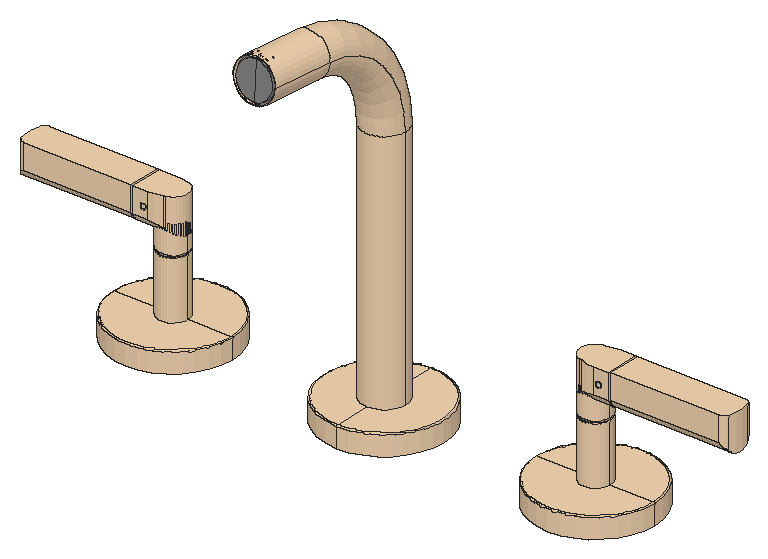
Revit family "Faucet-Wall_Mount-Lavatory-KALLISTA-One_Nazare-P23347_1", category Plumbing Fixtures, host Face, Revit 2022
Family settings
  Host = Face
  Round Connector Dimension = Use Diameter
  Part Type = Normal
  OmniClass Number = 23.31.11.00
  OmniClass Title = Faucets
  Cut with Voids When Loaded = No
  Maintain Annotation Orientation = No
  Shared = No
  Room Calculation Point = No
Parameters (values of type "2MB-Brushed Brass")
  Width [instance] = Faucet Hole Spacing  # 8"
  WaterSense Certified = 1 = 1  # yes
  Waste Water Outlet = "Waste Water Outlet"  # constant formula
  Waste Connection = 1 = 0  # no
  Vent Connection = 1 = 0  # no
  URL = "https://www.kallista.com/"
  Type = 3
  Spout Reach = Length  # 7.09843"
  Product Page URL = ""
  Product Name = "One Nazare"  # constant formula
  Product Documentation Link = "https://resources.kohler.com/interiors/kallista/pdf/P23347-LV_spec_US-CA_Kallista_en.pdf"
  Pressure = 60.00 psi  # constant formula
  Model = if(Type = 1, "P23347-LV-CP", if(Type = 2, "P23347-LV-SN", if(Type = 3, "P23347-LV-2MB", if(Type = 4, "P23347-LV-BAF", "NA"))))  # "P23347-LV-2MB"
  Material = "Premium Metal Construction"  # constant formula
  Master Format 2014 Name = "Residential Faucets, Supplies, and Trim"  # constant formula
  Master Format 2014 = "22 41 39"  # constant formula
  Manufacturer Address = "444 Highland Dr, Kohler, WI 53044"  # constant formula
  Manufacturer = "Kallista Co."  # constant formula
  Length = 7.09843"  # constant formula
  Hot Water Inlet = "Hot Water Inlet"  # constant formula
  Height = 2.25197"  # constant formula
  Handle Clearance = 2.74"  # constant formula
  HW Connection = 1 = 1  # yes
  Flow Rate = 1.2 GPM  # constant formula
  Finish = Kallista-Metal-2MB- Brushed_Brass
  Faucet Hole Spacing [instance] = 8"
  Environmental Product Declaration = ""
  Drain Included = 1 = 1  # yes
  Description = "Wall Mount Sink Faucet, Lever Handles"  # constant formula
  Default Elevation = 36"
  Declare Label = ""
  Date Modified = "01/15/2025"  # constant formula
  Date Created = "01/05/2022"  # constant formula
  Copyright = "Copyright Kallista Co."  # constant formula
  Contact Us = "https://www.kallista.com/corporate/contact-us/"
  Cold Water Inlet = "Cold Water Inlet"  # constant formula
  CW Connection = 1 = 1  # yes
  Assembly Code = "D2010"
  ADA Compliant = 1 = 1  # yes
Types (5): name | Type | Product Page URL | Model | Finish
  (no name) | 3 | "" | "P23347-LV-2MB" | Kallista-Metal-2MB- Brushed_Brass
  CP-Chrome | 1 | "https://www.kallista.com/products/luxury-bathroom/faucets/sink-faucets/one-nazare-wall-mount-sink-faucet-lever-handles-p23347-lv/cp-chrome" | "P23347-LV-CP" | Kallista-Metal-CP-Chrome
  SN-Polished Nickel | 2 | "https://www.kallista.com/products/luxury-bathroom/faucets/sink-faucets/one-nazare-wall-mount-sink-faucet-lever-handles-p23347-lv/sn-polished-nickel" | "P23347-LV-SN" | Kallista-Metal-SN-Polished_Nickel
  2MB-Brushed Brass | 3 | "" | "P23347-LV-2MB" | Kallista-Metal-2MB- Brushed_Brass
  BAF-Brushed French Gold | 4 | "" | "P23347-LV-BAF" | Kallista-Metal-BAF-Brushed_French_Gold
Reference planes (in)
  plane 1 "Center (Front/Back)": y = 0
  plane 2: z = 0
  plane 3 "Center (Left/Right)": x = 0
  plane 4: x = -4
  plane 5: x = 4
  plane 6: y = 1.12598
  plane 7: y = -1.12598
  plane 8: x = 5.12598
  plane 9: x = 2.87402
  plane 10: x = -6.74
  plane 11: z = 2.52
  plane 12: z = 1.81
  plane 13: z = 0.3937
  plane 14: x = -5.12598
  plane 15: x = -2.87402
  plane 16: x = 6.74
  plane 17: y = -3.07452
  plane 18: x = 1.12598
  plane 19: x = -1.12598
  plane 20: z = 7.5
  plane 21: z = 7.09843
Dimensions and locks (in)
  equal spacing: plane 4, plane 3 "Center (Left/Right)", plane 5
  "Width": plane 4 to plane 5
  plane 9 to plane 5 = 1.12598"
  plane 5 to plane 8 = 1.12598"
  plane 4 to plane 15 = 1.12598"
  plane 14 to plane 4 = 1.12598"
  "Handle Clearance": plane 4 to plane 10
  "Handle Clearance": plane 5 to plane 16
  "Height": plane 7 to plane 6
  plane 1 "Center (Front/Back)" to plane 17 = 3.07452"
  "Length": plane 21 to level
  aligned and locked: plane 2 to host face
  aligned and locked: level to host face
  aligned and locked: plane 4 to nested 1  (x2)
  aligned and locked: nested 2 to plane 5  (x2)
  aligned and locked: plane 3 "Center (Left/Right)" to nested 3
Automatic sketch dimensions
  host sketch curve to host sketch curve = 96"  (x2)
Nested families (in)
  nested 1: "P23347_Handle" at (-4, 0, 0), type "P23347_Handle"
  nested 2: "P23347_Handle" at (4, 0, 0) x (-1, 0, 0) z (0, 0, 1), type "P23347_Handle"
  nested 3: "P23347_Spout" at (0, 0, 0), type "P23347_Spout"
Connectors (in)
  piping at (4, 0, 0), diameter 0.5, driven by "Flow Rate", driven by "Pressure", driven by "CW Connection", driven by "Cold Water Inlet"
    settings: on nested 2, index 1, connector inside diameter 24", connector length 0", flow factor 0, pipe flow 1.2 GPM, pressure drop 60.00 psi, fitting loss kfactor 0, connector angle 0.00°, fixture units 0, engagement length 0", angle of deflection 0.00°, flow configuration 1, flow direction 1, fitting loss method 4, system type 20, joint type 0, gender type 0, connector reference index -1, connector utility 1, adjustable connector no, is connector primary yes, connector description "Cold Water Inlet"
  piping at (-4, 0, 0), diameter 0.5, driven by "Flow Rate", driven by "Pressure", driven by "HW Connection", driven by "Hot Water Inlet"
    settings: on nested 1, index 3, connector inside diameter 24", connector length 0", flow factor 0, pipe flow 1.2 GPM, pressure drop 60.00 psi, fitting loss kfactor 0, connector angle 0.00°, fixture units 0, engagement length 0", angle of deflection 0.00°, flow configuration 1, flow direction 1, fitting loss method 4, system type 19, joint type 0, gender type 0, connector reference index -1, connector utility 1, adjustable connector no, is connector primary no, connector description "Hot Water Inlet"
Definition of nested family "P23347_Handle"
  Parameters (values of type "P23347_Handle")
    Material = none
    Default Elevation = 48"
  Reference planes (in)
    plane 1 "Center (Front/Back)": y = 0
    plane 2: z = 0
    plane 3 "Center (Left/Right)": x = 0
    plane 4: y = 1.12598
    plane 5: x = -1.12598
    plane 6: z = 2.52
    plane 7: z = 1.81
    plane 8: z = 0.3937
    plane 9: x = -2.74
    plane 10: x = 0
    plane 11: y = -1.12598
    plane 12: x = 1.12598
    plane 13: z = 1.51
  Forms (in)
    Revolve 1, solid, material <- "Material"
      sketch origin (0, 0, 0) x (1, 0, 0) y (0, 0, 1)
        loop
          line (0, 0) -> (0, 2.07226) -> (-0.27976, 2.07226) -> (-0.27976, 1.52969)
          arc (-0.27976, 1.52969) -> (-0.27399, 1.51577) -> (-0.26007, 1.51) r 0.01969
          arc (-0.26007, 1.51) -> (-0.27399, 1.50423) -> (-0.27976, 1.49031) r 0.01969
          line (-0.27976, 1.49031) -> (-0.27976, 0.3937) -> (-1.1063, 0.3937)
          arc (-1.1063, 0.3937) -> (-1.12022, 0.38794) -> (-1.12598, 0.37402) r 0.01969
          line (-1.12598, 0.37402) -> (-1.12598, 0) -> (0, 0)
        axis (0, 0) -> (0, 2.07226)
      angle from 0 to 360
    Extrusion 2, solid, material <- "Material", detail levels medium+fine
      sketch origin (0, 0, 0) x (1, 0, 0) y (0, 1, 0)
        loop
          circle (0, 0) r 0.25
      from 0 to 0.07874
    Extrusion 3, solid, material <- "Material", detail levels medium+fine
      sketch origin (0, 0, 0) x (1, 0, 0) y (0, 1, 0)
        loop
          arc (0.07816, 0.26862) -> (0.06077, 0.27359) -> (0.04333, 0.27838) r 1.85399
          arc (0.04333, 0.27838) -> (-0.08736, 0.30457) -> (-0.22036, 0.31335) r 1.01181
          line (-0.22036, 0.31335) -> (-2.58143, 0.31335)
          arc (-2.58143, 0.31335) -> (-2.66037, 0.28717) -> (-2.70802, 0.21902) r 0.1321
          arc (-2.70802, 0.21902) -> (-2.74, 0.00079) -> (-2.70847, -0.2175) r 0.76598
          arc (-2.70847, -0.2175) -> (-2.66022, -0.28674) -> (-2.58012, -0.31335) r 0.13386
          line (-2.58012, -0.31335) -> (-0.22036, -0.31335)
          arc (-0.22036, -0.31335) -> (-0.08736, -0.30457) -> (0.04333, -0.27838) r 1.01181
          arc (0.04333, -0.27838) -> (0.06077, -0.27359) -> (0.07816, -0.26862) r 1.85399
          arc (0.07816, -0.26862) -> (0.27976, 0) -> (0.07816, 0.26862) r 0.27976
      from 1.81 to 2.52
    Extrusion 4, void
      sketch origin (0, 0, 0) x (0, 1, 0) y (0, 0, 1)
        loop
          line (0.43044, 2.15052) -> (0.33619, 2.15052)
          arc (0.33619, 2.15052) -> (0.27495, 1.97059) -> (0.12815, 1.84986) r 0.34721
          arc (0.12815, 1.84986) -> (0, 1.82315) -> (-0.12815, 1.84986) r 0.32074
          arc (-0.12815, 1.84986) -> (-0.27495, 1.97059) -> (-0.33619, 2.15052) r 0.34721
          line (-0.33619, 2.15052) -> (-0.43044, 2.15052) -> (-0.43044, 1.71114) -> (0.43044, 1.71114) -> (0.43044, 2.15052)
      from -2.96352 to 0.54766
    Extrusion 5, void
      sketch origin (0, 0, 0) x (0, 1, 0) y (0, 0, 1)
        loop
          line (0.35272, 2.55937) -> (-0.35272, 2.55937) -> (-0.35272, 2.036)
          arc (-0.35272, 2.036) -> (-0.26687, 1.89895) -> (-0.13246, 1.80901) r 0.38658
          spline (-0.13246, 1.80901) -> (-0.11127, 1.80135) -> (-0.0896, 1.79504) -> (-0.06754, 1.7901) -> (-0.04519, 1.78655) -> (-0.02264, 1.78441) -> (0, 1.78369) -> (0.02265, 1.78441) -> (0.04519, 1.78655) -> (0.06754, 1.7901) -> (0.0896, 1.79504) -> (0.11128, 1.80135) -> (0.13246, 1.80901)
          arc (0.13246, 1.80901) -> (0.26687, 1.89895) -> (0.35272, 2.036) r 0.38658
          line (0.35272, 2.036) -> (0.35272, 2.55937)
        loop
          line (0.27398, 2.48063) -> (-0.27398, 2.48063) -> (-0.27398, 2.0507)
          arc (-0.27398, 2.0507) -> (-0.20575, 1.94914) -> (-0.10336, 1.88217) r 0.30784
          spline (-0.10336, 1.88217) -> (-0.08689, 1.87622) -> (-0.07001, 1.8713) -> (-0.0528, 1.86745) -> (-0.03534, 1.86468) -> (-0.01771, 1.863) -> (0, 1.86243) -> (0.01771, 1.863) -> (0.03534, 1.86468) -> (0.0528, 1.86745) -> (0.07001, 1.87131) -> (0.08689, 1.87622) -> (0.10336, 1.88217)
          arc (0.10336, 1.88217) -> (0.20575, 1.94914) -> (0.27398, 2.0507) r 0.30784
          line (0.27398, 2.0507) -> (0.27398, 2.48063)
      from -0.54223 to -0.51098
    Extrusion 6, void
      sketch origin (0, 0, 0) x (1, 0, 0) y (0, 0, 1)
        loop
          circle (-0.31133, 2.24331) r 0.05906
      from 0.3062 to 0.37148
    Extrusion 7, void
      sketch origin (0, 0, 0) x (1, 0, 0) y (0, 0, -1)
        loop
          circle (-0.31133, -2.24331) r 0.05906
      from 0.3062 to 0.37148
    Extrusion 8, solid, material <- "Material", detail levels coarse
      sketch origin (0, 0, 0) x (1, 0, 0) y (0, 1, 0)
        loop
          line (-0.02478, 0.31335) -> (-2.67298, 0.31335)
          arc (-2.67298, 0.31335) -> (-2.74, 0.00087) -> (-2.67368, -0.31176) r 0.76598
          line (-2.67368, -0.31176) -> (-0.02478, -0.31176)
          arc (-0.02478, -0.31176) -> (0.28777, 0.00079) -> (-0.02478, 0.31335) r 0.31256
      from 1.78015 to 2.52
    Extrusion 9, solid, detail levels medium+fine
      sketch origin (0, 0, 0) x (1, 0, 0) y (0, 0, 1)
        loop
          circle (-0.31133, 2.24331) r 0.04997
      from 0.28729 to 0.31176
    Extrusion 10, solid, detail levels medium+fine
      sketch origin (0, 0, 0) x (1, 0, 0) y (0, 0, -1)
        loop
          circle (-0.31133, -2.24331) r 0.04997
      from 0.28729 to 0.31176
  Cuts and joins
    Extrusion 4, Extrusion 5, Extrusion 6, Extrusion 7 cuts Extrusion 3
  Lines and regions (in)
    Masking region 1
      outline origin (0, 0, 0) x (1, 0, 0) y (0, 1, 0)
        loop
          line (-1.08151, 0.31335) -> (-2.58143, 0.31335)
          arc (-2.58143, 0.31335) -> (-2.66037, 0.28717) -> (-2.70802, 0.21902) r 0.1321
          arc (-2.70802, 0.21902) -> (-2.74, 0.00079) -> (-2.70847, -0.2175) r 0.76598
          arc (-2.70847, -0.2175) -> (-2.66022, -0.28674) -> (-2.58012, -0.31335) r 0.13386
          line (-2.58012, -0.31335) -> (-1.08151, -0.31335)
          arc (-1.08151, -0.31335) -> (-0.67639, -0.90018) -> (0, -1.12598) r 1.12598
          arc (0, -1.12598) -> (0.79619, -0.79619) -> (1.12598, 0) r 1.12598
          arc (1.12598, 0) -> (0.79619, 0.79619) -> (0, 1.12598) r 1.12598
          arc (0, 1.12598) -> (-0.67639, 0.90018) -> (-1.08151, 0.31335) r 1.12598
    Masking region 2
      outline origin (0, 0, 0) x (1, 0, 0) y (0, 0, 1)
        loop
          line (-1.12598, 0.37402) -> (-1.12598, 0) -> (1.12598, 0) -> (1.12598, 0.37402)
          arc (1.12598, 0.37402) -> (1.12022, 0.38794) -> (1.1063, 0.3937) r 0.01969
          line (1.1063, 0.3937) -> (0.28001, 0.3937) -> (0.28001, 1.49031)
          arc (0.28001, 1.49031) -> (0.27425, 1.50423) -> (0.26033, 1.51) r 0.01969
          arc (0.26033, 1.51) -> (0.27425, 1.51577) -> (0.28001, 1.52969) r 0.01969
          line (0.28001, 1.52969) -> (0.28001, 2.48063)
          arc (0.28001, 2.48063) -> (0.26848, 2.50847) -> (0.24064, 2.52) r 0.03937
          line (0.24064, 2.52) -> (-0.51098, 2.52) -> (-0.51098, 2.48063) -> (-0.54223, 2.48063) -> (-0.54223, 2.52) -> (-2.70018, 2.52)
          arc (-2.70018, 2.52) -> (-2.72834, 2.50834) -> (-2.74, 2.48018) r 0.03982
          line (-2.74, 2.48018) -> (-2.74, 2.24507)
          arc (-2.74, 2.24507) -> (-2.73187, 2.10215) -> (-2.70758, 1.96108) r 1.26022
          arc (-2.70758, 1.96108) -> (-2.64894, 1.86024) -> (-2.54367, 1.81) r 0.19774
          line (-2.54367, 1.81) -> (-0.54223, 1.81) -> (-0.54223, 1.86323) -> (-0.51098, 1.86323) -> (-0.51098, 1.81) -> (-0.47002, 1.81)
          arc (-0.47002, 1.81) -> (-0.33566, 1.75435) -> (-0.28001, 1.62) r 0.19
          line (-0.28001, 1.62) -> (-0.28001, 1.52969)
          arc (-0.28001, 1.52969) -> (-0.27425, 1.51577) -> (-0.26033, 1.51) r 0.01969
          arc (-0.26033, 1.51) -> (-0.27425, 1.50423) -> (-0.28001, 1.49031) r 0.01969
          line (-0.28001, 1.49031) -> (-0.28001, 0.3937) -> (-1.1063, 0.3937)
          arc (-1.1063, 0.3937) -> (-1.12022, 0.38794) -> (-1.12598, 0.37402) r 0.01969
    Masking region 3
      outline origin (0, 0, 0) x (0, 1, 0) y (0, 0, 1)
        loop
          line (0.31335, 2.14167) -> (0.31335, 2.48063)
          arc (0.31335, 2.48063) -> (0.30182, 2.50847) -> (0.27398, 2.52) r 0.03937
          line (0.27398, 2.52) -> (-0.27398, 2.52)
          arc (-0.27398, 2.52) -> (-0.30182, 2.50847) -> (-0.31335, 2.48063) r 0.03937
          line (-0.31335, 2.48063) -> (-0.31335, 2.14167)
          arc (-0.31335, 2.14167) -> (-0.30994, 2.07521) -> (-0.30272, 2.00906) r 1.15753
          arc (-0.30272, 2.00906) -> (-0.2855, 1.84271) -> (-0.27976, 1.67558) r 2.4333
          line (-0.27976, 1.67558) -> (-0.27976, 1.52969)
          arc (-0.27976, 1.52969) -> (-0.27399, 1.51577) -> (-0.26007, 1.51) r 0.01969
          arc (-0.26007, 1.51) -> (-0.27399, 1.50423) -> (-0.27976, 1.49031) r 0.01969
          line (-0.27976, 1.49031) -> (-0.27976, 0.3937) -> (-1.1063, 0.3937)
          arc (-1.1063, 0.3937) -> (-1.12022, 0.38794) -> (-1.12598, 0.37402) r 0.01969
          line (-1.12598, 0.37402) -> (-1.12598, 0) -> (1.12598, 0) -> (1.12598, 0.37402)
          arc (1.12598, 0.37402) -> (1.12022, 0.38794) -> (1.1063, 0.3937) r 0.01969
          line (1.1063, 0.3937) -> (0.27976, 0.3937) -> (0.27976, 1.49031)
          arc (0.27976, 1.49031) -> (0.27399, 1.50423) -> (0.26007, 1.51) r 0.01969
          arc (0.26007, 1.51) -> (0.27399, 1.51577) -> (0.27976, 1.52969) r 0.01969
          line (0.27976, 1.52969) -> (0.27976, 1.67558)
          arc (0.27976, 1.67558) -> (0.2855, 1.84271) -> (0.30272, 2.00906) r 2.4333
          arc (0.30272, 2.00906) -> (0.30994, 2.07521) -> (0.31335, 2.14167) r 1.15753
    symbolic lines, detail levels medium+fine
      curve 1: line (-1.08151, -0.31335, 0) -> (-0.54223, -0.31335, 0)
      curve 2: line (-0.22036, 0.31335, 0) -> (-0.51098, 0.31335, 0)
      curve 3: line (-0.54223, 0.31335, 0) -> (-0.54223, -0.31335, 0)
      curve 4: line (-0.51098, -0.31335, 0) -> (-0.51098, 0.31335, 0)
      curve 5: line (-0.54223, 0.27398, 0) -> (-0.51098, 0.27398, 0)
      curve 6: line (-0.51098, -0.27398, 0) -> (-0.54223, -0.27398, 0)
      curve 7: arc (0.04333, 0.27838, 0) -> (-0.08736, 0.30457, 0) -> (-0.22036, 0.31335, 0) r 1.01181
      curve 8: arc (0.07816, -0.26862, 0) -> (0.27976, 0, 0) -> (0.07816, 0.26862, 0) r 0.27976
      curve 9: arc (0.04333, -0.27838, 0) -> (0.06077, -0.27359, 0) -> (0.07816, -0.26862, 0) r 1.85399
      curve 10: arc (-0.22036, -0.31335, 0) -> (-0.08736, -0.30457, 0) -> (0.04333, -0.27838, 0) r 1.01181
      curve 11: arc (0.07816, 0.26862, 0) -> (0.06077, 0.27359, 0) -> (0.04333, 0.27838, 0) r 1.85399
      curve 12: line (-0.54223, 0, 2.48063) -> (-0.54223, 0, 1.81)
      curve 13: line (-0.51098, 0, 2.48063) -> (-0.51098, 0, 1.86323)
      curve 14: line (-0.26007, 0, 1.51) -> (0.26007, 0, 1.51)
      curve 15: line (-0.28001, 0, 1.52969) -> (0.28001, 0, 1.52969)
      curve 16: line (-0.28001, 0, 1.49031) -> (0.28001, 0, 1.49031)
      curve 17: line (-0.28001, 0, 0.3937) -> (0.28001, 0, 0.3937)
      curve 18: circle (-0.31133, 0, 2.24331) r 0.05906 normal (0, -1, 0)
      curve 19: circle (-0.31133, 0, 2.24331) r 0.04997 normal (0, 1, 0)
      curve 20: line (0, 0.27976, 0.3937) -> (0, -0.27976, 0.3937)
      curve 21: line (0, 0.26007, 1.51) -> (0, -0.26007, 1.51)
      curve 22: line (0, 0.27976, 1.49031) -> (0, -0.27976, 1.49031)
      curve 23: line (0, 0.27976, 1.52969) -> (0, -0.27976, 1.52969)
      curve 24: arc (0, 0.12815, 1.84986) -> (0, 0, 1.82315) -> (0, -0.12815, 1.84986) r 0.32074
      curve 25: arc (0, -0.12815, 1.84986) -> (0, -0.20022, 1.89225) -> (0, -0.26007, 1.95065) r 0.34721
      curve 26: arc (0, 0.26007, 1.95065) -> (0, 0.20022, 1.89225) -> (0, 0.12815, 1.84986) r 0.34721
      curve 27: arc (0, 0.31224, 2.11072) -> (0, 0.3008, 2.02592) -> (0, 0.26007, 1.95065) r 0.23775
      curve 28: arc (0, -0.31224, 2.11072) -> (0, -0.3008, 2.02592) -> (0, -0.26007, 1.95065) r 0.23775
      curve 29: arc (0, -0.23376, 2.09958) -> (0, -0.22474, 2.04679) -> (0, -0.1987, 1.99998) r 0.15901
      curve 30: arc (0, -0.1987, 1.99998) -> (0, -0.15242, 1.95482) -> (0, -0.09669, 1.92204) r 0.26847
      curve 31: arc (0, -0.09669, 1.92204) -> (0, 0, 1.90189) -> (0, 0.09669, 1.92204) r 0.242
      curve 32: arc (0, 0.09669, 1.92204) -> (0, 0.15242, 1.95482) -> (0, 0.1987, 1.99998) r 0.26847
      curve 33: arc (0, 0.1987, 1.99998) -> (0, 0.22474, 2.04679) -> (0, 0.23376, 2.09958) r 0.15901
      curve 34: line (0, 0.23461, 2.09958) -> (0, 0.23461, 2.46094)
      curve 35: line (0, 0.31335, 2.48063) -> (0, -0.31335, 2.48063)
      curve 36: line (0, -0.23461, 2.46094) -> (0, -0.23461, 2.09958)
      curve 37: arc (0, 0.23461, 2.46094) -> (0, 0.22884, 2.47486) -> (0, 0.21492, 2.48063) r 0.01969
      curve 38: arc (0, -0.21492, 2.48063) -> (0, -0.22884, 2.47486) -> (0, -0.23461, 2.46094) r 0.01969
      curve 39: arc (-2.43476, 0, 1.89458) -> (-1.60569, 0, 1.88482) -> (-0.77661, 0, 1.89458) r 35.22615
      curve 40: arc (-2.72015, 0, 2.02229) -> (-2.59031, 0, 1.92971) -> (-2.43476, 0, 1.89458) r 0.40409
      curve 41: arc (-0.77661, 0, 1.89458) -> (-0.65918, 0, 1.89285) -> (-0.54223, 0, 1.88217) r 1.53709
      curve 42: line (-0.51098, 0, 1.88217) -> (-0.44132, 0, 1.88217)
      curve 43: arc (-0.44132, 0, 1.88217) -> (-0.297, 0, 1.83146) -> (-0.21613, 0, 1.70161) r 0.2307
      curve 44: arc (-0.21613, 0, 1.70161) -> (-0.20297, 0, 1.61614) -> (-0.20122, 0, 1.52969) r 0.65267
      curve 45: arc (-2.43291, 0, 1.9733) -> (-1.60569, 0, 1.96356) -> (-0.77846, 0, 1.9733) r 35.14741
      curve 46: arc (-0.77846, 0, 1.9733) -> (-0.66013, 0, 1.97175) -> (-0.54223, 0, 1.96154) r 1.61583
      curve 47: line (-0.51098, 0, 1.96091) -> (-0.44132, 0, 1.96091)
      curve 48: arc (-0.44132, 0, 1.96091) -> (-0.24774, 0, 1.89289) -> (-0.13927, 0, 1.71872) r 0.30944
      curve 49: arc (-0.13927, 0, 1.71872) -> (-0.12468, 0, 1.62475) -> (-0.12241, 0, 1.52969) r 0.73141
      curve 50: arc (-2.73482, 0, 2.13091) -> (-2.60222, 0, 2.01695) -> (-2.43291, 0, 1.9733) r 0.38544
      curve 51: line (-0.54223, 0.31335, 0) -> (-1.08151, 0.31335, 0)
      curve 52: line (-0.51098, -0.31335, 0) -> (-0.22036, -0.31335, 0)
      curve 53: line (-2.58088, 0.28542, 0) -> (-0.54223, 0.28542, 0)
      curve 54: arc (-2.65865, 0.23648, 0) -> (-2.69885, 0.12126, 0) -> (-2.71247, 0, 0) r 0.54646
      curve 55: arc (-2.58088, 0.28542, 0) -> (-2.62683, 0.27216, 0) -> (-2.65865, 0.23648, 0) r 0.08627
      curve 56: line (-2.58088, -0.28542, 0) -> (-0.54223, -0.28542, 0)
      curve 57: arc (-2.65865, -0.23648, 0) -> (-2.69885, -0.12126, 0) -> (-2.71247, 0, 0) r 0.54646
      curve 58: arc (-2.58088, -0.28542, 0) -> (-2.62683, -0.27216, 0) -> (-2.65865, -0.23648, 0) r 0.08627
      curve 59: line (-0.51098, 0.28642, 0) -> (-0.25688, 0.28642, 0)
      curve 60: arc (-0.25688, 0.28642, 0) -> (-0.10302, 0.27847, 0) -> (0.04921, 0.25472, 0) r 1.49396
      curve 61: line (-0.51098, -0.28642, 0) -> (-0.25688, -0.28642, 0)
      curve 62: arc (-0.25688, -0.28642, 0) -> (-0.10302, -0.27847, 0) -> (0.04921, -0.25472, 0) r 1.49396
      curve 63: arc (0.04921, 0.25472, 0) -> (0.25614, 0, 0) -> (0.04921, -0.25472, 0) r 0.26024
      curve 64: arc (-1.05357, -0.31335, 0) -> (1.09918, 0, 0) -> (-1.05357, 0.31335, 0) r 1.09918
      curve 65: line (-0.17208, 0, 2.52) -> (-0.24885, 0, 1.89377)
      curve 66: arc (-0.24885, 0, 1.89377) -> (-0.26974, 0, 1.80425) -> (-0.30923, 0, 1.72124) r 0.42894
      curve 67: line (-0.17208, 0.28401, 0) -> (-0.18873, 0.31285, 0)
      curve 68: line (-0.17208, -0.28401, 0) -> (-0.18873, -0.31285, 0)
      curve 69: line (1.12598, 0, 0.37402) -> (-1.12598, 0, 0.37402)
      curve 70: line (0, 1.12598, 0.37402) -> (0, -1.12598, 0.37402)
      curve 71: spline (-0.22036, 0, 2.04313) -> (-0.16987, 0, 2.03797) -> (-0.11995, 0, 2.02947) -> (-0.07092, 0, 2.01771) -> (-0.02312, 0, 2.00276) -> (0.02315, 0, 1.98472) -> (0.06757, 0, 1.96371) -> (0.10986, 0, 1.93986) -> (0.14972, 0, 1.91334) -> (0.18691, 0, 1.88432) -> (0.22117, 0, 1.85299) -> (0.25227, 0, 1.81957) -> (0.28001, 0, 1.78426)
      curve 72: line (-0.51098, 0, 2.04313) -> (-0.22036, 0, 2.04313)
      curve 73: arc (-0.78032, 0, 2.05201) -> (-0.66108, 0, 2.05062) -> (-0.54223, 0, 2.04085) r 1.69457
      curve 74: arc (-2.43106, 0, 2.05201) -> (-1.60569, 0, 2.0423) -> (-0.78032, 0, 2.05201) r 35.06867
      curve 75: arc (-2.74, 0, 2.24507) -> (-2.61198, 0, 2.10621) -> (-2.43106, 0, 2.05201) r 0.35728
  Dimensions and locks (in)
    plane 9 to plane 3 "Center (Left/Right)" = 2.74"
    plane 8 to level = 0.3937"
    plane 7 to level = 1.81"
    plane 6 to level = 2.52"
    plane 4 to plane 1 "Center (Front/Back)" = 1.12598"
    aligned and locked: level to plane 2
    aligned and locked: Masking region 2 sketch curve to plane 8
    aligned and locked: plane 8 to Masking region 2 sketch curve
Definition of nested family "P23347_Spout"
  Parameters (values of type "P23347_Spout")
    Material = none
    Default Elevation = 48"
  Reference planes (in)
    plane 1 "Center (Front/Back)": y = 0
    plane 2: z = 0
    plane 3 "Center (Left/Right)": x = 0
    plane 4: y = 1.12598
    plane 5: x = 1.12598
    plane 6: z = 7.5
    plane 7: z = 7.1
    plane 8: y = -3.07
    plane 9: z = 0.3937
    plane 10: y = -1.12598
    plane 11: x = -1.12598
    plane 12: z = 7.3909
  Forms (in)
    Sweep 1, solid, material <- "Material", detail levels medium+fine
      path origin (0, -0.07639, -0.02763) x (0, 1, 0) y (0, 0, 1)
        loop
          line (-2.99361, 7.12688) -> (-1.72055, 7.0155)
          arc (-1.72055, 7.0155) -> (-0.44078, 6.38439) -> (0.07639, 5.05449) r 1.9685
          line (0.07639, 5.05449) -> (0.07639, 0.42133)
      profile origin (0, 0, 2.71028) x (1, 0, 0) y (0, 1, 0)
        loop
          circle (0, 0) r 0.40551
    Revolve 2, solid, material <- "Material", detail levels medium+fine
      sketch origin (0, 0, 0) x (0, 1, 0) y (0, 0, 1)
        loop
          line (0, 0) -> (1.12598, 0) -> (1.12598, 0.37402)
          arc (1.12598, 0.37402) -> (1.12022, 0.38794) -> (1.1063, 0.3937) r 0.01969
          line (1.1063, 0.3937) -> (0, 0.3937) -> (0, 0)
        axis (0, 0) -> (0, 0.3937)
      angle from 0 to 360
    Revolve 3, solid, detail levels medium+fine
      sketch origin (0, -10.63584, 1.06448) x (0, -0.087156, -0.996195) y (0, 0.996195, -0.087156)
        loop
          line (-7.0697, 7.06736) -> (-7.01886, 7.06736) -> (-7.01886, 7.01102) -> (-6.67195, 7.01102) -> (-6.67195, 7.11826) -> (-7.0697, 7.11826) -> (-7.0697, 7.06736)
        axis (-6.67195, 7.01102) -> (-6.67195, 7.11826)
      angle from 0 to 360
    Revolve 4, void
      sketch origin (0, -10.60531, 1.05564) x (0, -0.087156, -0.996195) y (0, 0.996195, -0.087156)
        loop
          line (-7.07181, 6.97744) -> (-6.67811, 6.97744) -> (-6.67811, 7.18015) -> (-7.07181, 7.18015) -> (-7.07181, 6.97744)
        axis (-6.67811, 6.97744) -> (-6.67811, 7.18015)
      angle from 0 to 360
    Revolve 5, solid, material <- "Material", detail levels coarse
      sketch origin (0, 0, 0) x (0, 1, 0) y (0, 0, 1)
        loop
          line (0, 0) -> (1.12598, 0) -> (1.12598, 0.3937) -> (0, 0.3937) -> (0, 0)
        axis (0, 0) -> (0, 0.3937)
      angle from 0 to 360
    Sweep 6, solid, material <- "Material", detail levels coarse
      path origin (0, -0.07639, -0.02763) x (0, 1, 0) y (0, 0, 1)
        loop
          line (-2.99361, 7.12688) -> (-1.54085, 6.99978)
          arc (-1.54085, 6.99978) -> (-0.38906, 6.43178) -> (0.07639, 5.23487) r 1.77165
          line (0.07639, 5.23487) -> (0.07639, 0.42133)
      profile origin (0, 0, 2.80047) x (1, 0, 0) y (0, 1, 0)
        loop
          circle (0, 0) r 0.44094
  Cuts and joins
    Revolve 4 cuts Sweep 1
  Lines and regions (in)
    Masking region 1
      outline origin (0, 0, 0) x (1, 0, 0) y (0, 1, 0)
        loop
          arc (0.40551, -1.05043) -> (0, 1.12598) -> (-0.40551, -1.05043) r 1.12598
          line (-0.40551, -1.05043) -> (-0.40551, -3.03569)
          spline (-0.40551, -3.03569) -> (-0.39169, -3.04483) -> (-0.35118, -3.05336) -> (-0.28674, -3.06068) -> (-0.20276, -3.06629) -> (-0.10495, -3.06983) -> (0, -3.07103) -> (0.10495, -3.06983) -> (0.20276, -3.06629) -> (0.28674, -3.06068) -> (0.35118, -3.05336) -> (0.39169, -3.04483) -> (0.40551, -3.03569)
          line (0.40551, -3.03569) -> (0.40551, -1.05043)
    Masking region 2
      outline origin (0, 0, 0) x (1, 0, 0) y (0, 0, 1)
        loop
          arc (-1.10236, 0.3937) -> (-1.11907, 0.38678) -> (-1.12598, 0.37008) r 0.02362
          line (-1.12598, 0.37008) -> (-1.12598, 0) -> (1.12598, 0) -> (1.12598, 0.37008)
          arc (1.12598, 0.37008) -> (1.11907, 0.38678) -> (1.10236, 0.3937) r 0.02362
          line (1.10236, 0.3937) -> (0.41732, 0.3937) -> (0.41732, 7.08863)
          arc (0.41732, 7.08863) -> (0.29473, 7.38162) -> (0, 7.5) r 0.41142
          arc (0, 7.5) -> (-0.28709, 7.37745) -> (-0.40551, 7.08863) r 0.41142
          line (-0.40551, 7.08863) -> (-0.40551, 0.3937) -> (-1.10236, 0.3937)
    Masking region 3
      outline origin (0, 0, 0) x (0, 1, 0) y (0, 0, 1)
        loop
          line (1.12598, 0) -> (1.12598, 0.37402)
          arc (1.12598, 0.37402) -> (1.12022, 0.38794) -> (1.1063, 0.3937) r 0.01969
          line (1.1063, 0.3937) -> (0.40551, 0.3937) -> (0.40551, 5.03768)
          arc (0.40551, 5.03768) -> (-0.21509, 6.63357) -> (-1.75081, 7.3909) r 2.3622
          line (-1.75081, 7.3909) -> (-2.99965, 7.50016) -> (-3.07033, 6.69222) -> (-1.82485, 6.58325)
          arc (-1.82485, 6.58325) -> (-0.81401, 6.08476) -> (-0.40551, 5.03432) r 1.55485
          line (-0.40551, 5.03432) -> (-0.40551, 0.3937) -> (-1.1063, 0.3937)
          arc (-1.1063, 0.3937) -> (-1.12022, 0.38794) -> (-1.12598, 0.37402) r 0.01969
          line (-1.12598, 0.37402) -> (-1.12598, 0) -> (1.12598, 0)
    symbolic lines, detail levels medium+fine
      curve 1: arc (0.40551, 0, 0) -> (0, 0.40551, 0) -> (-0.40551, 0, 0) r 0.40551
      curve 2: line (-0.40551, 0, 0) -> (-0.40551, -1.05043, 0)
      curve 3: line (0.40551, 0, 0) -> (0.40551, -1.05043, 0)
      curve 4: line (-0.40551, 0, 0.3937) -> (0.41732, 0, 0.3937)
      curve 5: line (0, 0.44094, 0.3937) -> (0, -0.44094, 0.3937)
      curve 6: spline (0.40551, -3.0402, 0) -> (0.39169, -3.03106, 0) -> (0.35118, -3.02253, 0) -> (0.28674, -3.01521, 0) -> (0.20276, -3.0096, 0) -> (0.10495, -3.00606, 0) -> (0, -3.00486, 0) -> (-0.10495, -3.00606, 0) -> (-0.20276, -3.0096, 0) -> (-0.28674, -3.01521, 0) -> (-0.35118, -3.02253, 0) -> (-0.39169, -3.03106, 0) -> (-0.40551, -3.0402, 0)
      curve 7: spline (0, -3.07452, 0) -> (-0.1019, -3.07335, 0) -> (-0.19685, -3.06992, 0) -> (-0.27839, -3.06447, 0) -> (-0.34095, -3.05736, 0) -> (-0.38029, -3.04908, 0) -> (-0.3937, -3.0402, 0) -> (-0.38029, -3.03132, 0) -> (-0.34095, -3.02305, 0) -> (-0.27839, -3.01594, 0) -> (-0.19685, -3.01049, 0) -> (-0.1019, -3.00706, 0) -> (0, -3.00589, 0)
      curve 8: spline (0, -3.00589, 0) -> (0.1019, -3.00706, 0) -> (0.19685, -3.01049, 0) -> (0.27839, -3.01594, 0) -> (0.34095, -3.02305, 0) -> (0.38029, -3.03132, 0) -> (0.3937, -3.0402, 0) -> (0.38029, -3.04908, 0) -> (0.34095, -3.05736, 0) -> (0.27839, -3.06447, 0) -> (0.19685, -3.06992, 0) -> (0.1019, -3.07335, 0) -> (0, -3.07452, 0)
      curve 9: line (0, -1.75081, 7.3909) -> (0, -1.82265, 6.58306)
      curve 10: line (-0.40551, -1.75081, 0) -> (0.40551, -1.75081, 0)
      curve 11: arc (0.41732, 0, 7.03097) -> (0.27555, 0, 7.28849) -> (0, 0, 7.3909) r 0.4219
      curve 12: arc (-0.41732, 0, 7.03097) -> (-0.27555, 0, 7.28849) -> (0, 0, 7.3909) r 0.4219
      curve 13: line (-1.12598, 0, 0.37008) -> (1.12598, 0, 0.37008)
      curve 14: line (0, 1.12598, 0.37402) -> (0, -1.12598, 0.37402)
  Dimensions and locks (in)
    plane 7 to level = 7.1"
    plane 6 to level = 7 1/2"
    plane 1 "Center (Front/Back)" to plane 8 = 3.07"
    aligned and locked: level to plane 2
    aligned and locked: plane 6 to Masking region 2 sketch curve
